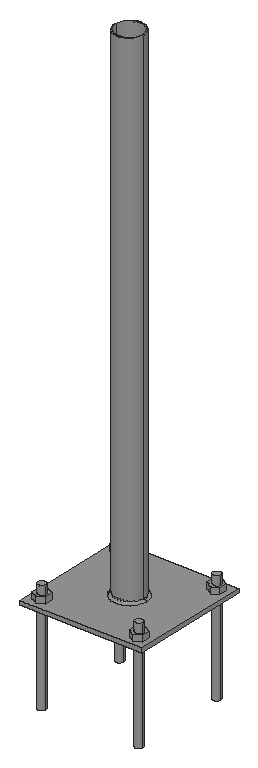
Revit family "RA238_R01", category Site, Revit 2025
Family settings
  Round Connector Dimension = Use Diameter
  Part Type = Normal
  Work Plane-Based = No
  Always vertical = Yes
  Cut with Voids When Loaded = No
  Shared = No
Parameters (values of type "Postech-Vistech RA238")
  c/c Plate-Axis = 0' - 5"
  c/c Holes-Plate = 0' - 1"
  c/c Ancrage-Plate = 0' - 1"
  Hexa bolts = 0' - 0 3/4"
  Dist Tube-Plate = 0' - 5"
  Dia int Tube = 0' - 2.221"
  Dia ext Tube = 0' - 2 3/8"
  Dia Holes = 0' - 0 3/4"
  Dia Ancrage = 0' - 0 5/8"
Reference planes (in)
  plane 1 "Center (Front/Back)": y = 0
  plane 2: z = 0
  plane 3 "Center (Left/Right)": x = 0
Forms (in)
  Extrusion 1, solid, material "Galvanized"
    sketch origin (0, 0, 0) x (1, 0, 0) y (0, 1, 0)
      loop
        line (-5, 5) -> (-5, -5) -> (5, -5) -> (5, 5) -> (-5, 5)
      loop
        circle (-4, 4) r 0.375
      loop
        circle (-4, -4) r 0.375
      loop
        circle (4, -4) r 0.375
      loop
        circle (4, 4) r 0.375
    from 0 to 0.3125
  Extrusion 2, solid, material "Galvanized"
    sketch origin (0, 0, 0) x (1, 0, 0) y (0, 1, 0)
      loop
        circle (0, 0) r 1.1875
      loop
        circle (0, 0) r 1.1105
    from 0 to 42
  Extrusion 3, solid, material "Galvanized"
    sketch origin (0, 0, 0) x (1, 0, 0) y (0, 1, 0)
      loop
        circle (-4, 4) r 0.3125
      loop
        circle (-4, -4) r 0.3125
      loop
        circle (4, -4) r 0.3125
      loop
        circle (4, 4) r 0.3125
    from -7.6875 to 1.5
  Extrusion 4, solid, material "Galvanized"
    sketch origin (0, 0, 0.3125) x (1, 0, 0) y (0, 1, 0)
      loop
        line (3.99615, 3.38156) -> (4.53377, 3.69195) -> (4.53377, 4.31274) -> (3.99615, 4.62314) -> (3.45854, 4.31274) -> (3.45854, 3.69195) -> (3.99615, 3.38156)
      loop
        circle (4, 4) r 0.3125
    from 0 to 0.5
  Extrusion 5, solid, material "Galvanized"
    sketch origin (0, 0, 0.3125) x (1, 0, 0) y (0, 1, 0)
      loop
        line (3.99615, -4.61844) -> (4.53377, -4.30805) -> (4.53377, -3.68726) -> (3.99615, -3.37686) -> (3.45854, -3.68726) -> (3.45854, -4.30805) -> (3.99615, -4.61844)
      loop
        circle (4, -4) r 0.3125
    from 0 to 0.5
  Extrusion 6, solid, material "Galvanized"
    sketch origin (0, 0, 0.3125) x (1, 0, 0) y (0, 1, 0)
      loop
        line (-4.00385, -4.61844) -> (-3.46623, -4.30805) -> (-3.46623, -3.68726) -> (-4.00385, -3.37686) -> (-4.54146, -3.68726) -> (-4.54146, -4.30805) -> (-4.00385, -4.61844)
      loop
        circle (-4, -4) r 0.3125
    from 0 to 0.5
  Extrusion 7, solid, material "Galvanized"
    sketch origin (0, 0, 0.3125) x (1, 0, 0) y (0, 1, 0)
      loop
        line (-4.00385, 3.38156) -> (-3.46623, 3.69195) -> (-3.46623, 4.31274) -> (-4.00385, 4.62314) -> (-4.54146, 4.31274) -> (-4.54146, 3.69195) -> (-4.00385, 3.38156)
      loop
        circle (-4, 4) r 0.3125
    from 0 to 0.5
  Sweep 8, solid, material "Galvanized"
    path in 3D
      loop
        arc (1.1875, 0, 42) -> (0, -1.1875, 42) -> (-1.1875, 0, 42) r 1.1875
        arc (-1.1875, 0, 42) -> (0, 1.1875, 42) -> (1.1875, 0, 42) r 1.1875
    profile origin (0, 1.1875, 42) x (0, 1, 0) y (0, 0, 1)
      loop
        line (0, -41.46308) -> (0, -41.6875) -> (0.22442, -41.6875)
        arc (0.22442, -41.6875) -> (0.06573, -41.62177) -> (0, -41.46308) r 0.22442
Lines and regions (in)
  sketch lines
    curve 1: arc (-1.1875, 0, 42) -> (0, 1.1875, 42) -> (1.1875, 0, 42) r 1.1875
    curve 2: arc (1.1875, 0, 42) -> (0, -1.1875, 42) -> (-1.1875, 0, 42) r 1.1875
Dimensions and locks (in)
  "c/c Plate-Axis": Extrusion 1 sketch curve to plane 3 "Center (Left/Right)"
  "c/c Plate-Axis": plane 3 "Center (Left/Right)" to Extrusion 1 sketch curve
  "c/c Plate-Axis": plane 1 "Center (Front/Back)" to Extrusion 1 sketch curve
  "c/c Plate-Axis": Extrusion 1 sketch curve to plane 1 "Center (Front/Back)"
  "c/c Holes-Plate": Extrusion 1 sketch curve to Extrusion 1 sketch curve  (x8)
  "Dist Tube-Plate": Extrusion 1 to Extrusion 2 sketch curve  (x2)
  "c/c Ancrage-Plate": Extrusion 1 to Extrusion 3 sketch curve  (x6)
  "c/c Ancrage-Plate": Extrusion 3 sketch curve to Extrusion 1  (x2)
  "Dia Holes": diameter of Extrusion 1 sketch curve  (x4)
  "Dia ext Tube": diameter of Extrusion 2 sketch curve
  "Dia Ancrage": diameter of Extrusion 3 sketch curve  (x4)
  "Dia int Tube": diameter of Extrusion 2 sketch curve
Automatic sketch dimensions
  Sweep 8 sketch curve to profile plane = 0' - 0"
  Sweep 8 sketch curve to profile plane = 0' - 0.22442"
  Sweep 8 sketch curve to profile plane = 3' - 5 11/16"
  Extrusion 5 sketch curve to Extrusion 1 = 0' - 0.38156"
  Extrusion 5 sketch curve to Extrusion 5 sketch curve = 0' - 0.00385"  (x2)
  Extrusion 5 sketch curve to Extrusion 5 sketch curve = 0' - 0.53762"
  Extrusion 5 sketch curve to Extrusion 1 = 0' - 0.46623"
  Extrusion 5 sketch curve to Extrusion 5 sketch curve = 0' - 0.30805"
  Extrusion 5 sketch curve to Extrusion 5 sketch curve = 0' - 0.31039"  (x2)
  Extrusion 5 sketch curve to Extrusion 5 sketch curve = 0' - 0.62079"
  Extrusion 5 sketch curve to Extrusion 5 sketch curve = 0' - 0.31274"
  Extrusion 6 sketch curve to Extrusion 1 = 0' - 0.38156"
  Extrusion 6 sketch curve to Extrusion 6 sketch curve = 0' - 0.00385"  (x2)
  Extrusion 6 sketch curve to Extrusion 1 = 0' - 0.45854"
  Extrusion 6 sketch curve to Extrusion 1 = 0' - 0.69195"
  Extrusion 6 sketch curve to Extrusion 6 sketch curve = 0' - 0.53377"
  Extrusion 6 sketch curve to Extrusion 6 sketch curve = 0' - 0.31039"  (x2)
  Extrusion 6 sketch curve to Extrusion 6 sketch curve = 0' - 0.62079"
  Extrusion 6 sketch curve to Extrusion 6 sketch curve = 0' - 0.31274"
  Extrusion 7 sketch curve to Extrusion 7 sketch curve = 0' - 0.00385"  (x2)
  Extrusion 7 sketch curve to Extrusion 1 = 0' - 0.37686"
  Extrusion 7 sketch curve to Extrusion 1 = 0' - 0.45854"
  Extrusion 7 sketch curve to Extrusion 7 sketch curve = 0' - 0.53377"
  Extrusion 7 sketch curve to Extrusion 7 sketch curve = 0' - 0.30805"  (x2)
  Extrusion 7 sketch curve to Extrusion 7 sketch curve = 0' - 0.61844"
  Extrusion 7 sketch curve to Extrusion 7 sketch curve = 0' - 0.31039"
  Extrusion 7 sketch curve to Extrusion 7 sketch curve = 0' - 0.31274"
  Extrusion 4 sketch curve to Extrusion 4 sketch curve = 0' - 0.00385"  (x2)
  Extrusion 4 sketch curve to Extrusion 1 = 0' - 0.37686"
  Extrusion 4 sketch curve to Extrusion 4 sketch curve = 0' - 0.53762"
  Extrusion 4 sketch curve to Extrusion 1 = 0' - 0.46623"
  Extrusion 4 sketch curve to Extrusion 4 sketch curve = 0' - 0.30805"  (x2)
  Extrusion 4 sketch curve to Extrusion 4 sketch curve = 0' - 0.61844"
  Extrusion 4 sketch curve to Extrusion 4 sketch curve = 0' - 0.31039"
  Extrusion 4 sketch curve to Extrusion 4 sketch curve = 0' - 0.31274"
  Extrusion 2 sketch curve to Extrusion 2 sketch curve = 0' - 0"  (x2)
  radius of Extrusion 5 sketch curve to Extrusion 1 = 0' - 0 1/16"
  radius of Extrusion 6 sketch curve to Extrusion 1 = 0' - 0 1/16"
  radius of Extrusion 7 sketch curve to Extrusion 1 = 0' - 0 1/16"
  radius of Extrusion 4 sketch curve to Extrusion 1 = 0' - 0 1/16"
